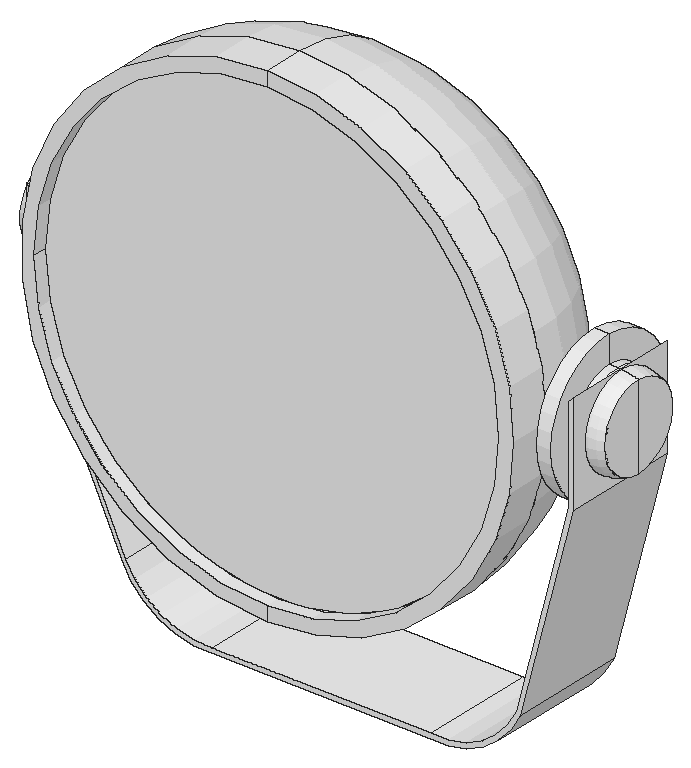
Revit family "Lighting-Accent-Acclaim-Aqua Drum SO", category Lighting Fixtures, host Face, Revit 2015
Parameters (values of type "Aqua Drum SO")
  Width = 2.42"
  Length = 7.28"
  Wattage = 9.2903 W
  built-in parameter 1150110 = 1 (stored number, unit not read)
  Voltage = 0 V
  URL = "http://www.acclaimlighting.com/"
  built-in parameter 1114217 = 1 (stored number, unit not read)
  Tilt Angle = -90.00°
  built-in parameter 1150109 = 1 (stored number, unit not read)
  built-in parameter 1150134 = 3
  built-in parameter 1150113 = 1 (stored number, unit not read)
  Power Factor = 1
  Photometric Web File = "generic"
  Number of Poles = 1
  built-in parameter 1150142 = (empty or 0)
  Model = "Aqua Drum SO"
  Manufacturer = "Acclaim Lighting"
  built-in parameter 1150105 = 109.82 (stored number, unit not read)
  Lumens = 1380 lm
  built-in parameter 1150115 = 1 (stored number, unit not read)
  built-in parameter 1150137 = (empty or 0)
  built-in parameter 1150139 = (empty or 0)
  built-in parameter 1150112 = 1 (stored number, unit not read)
  built-in parameter 1150114 = 1 (stored number, unit not read)
  Lamp = "LED"
  built-in parameter 1150132 = (empty or 0)
  built-in parameter 1150102 = (empty or 0)
  built-in parameter 1150107 = 3200 (stored number, unit not read)
  built-in parameter 1150138 = (empty or 0)
  built-in parameter 1150106 = 1.0982 (stored number, unit not read)
  Housing Finish = Aluminum
  Height = 7.04"
  Emit from Circle Diameter = 6.00"
  Emit Shape Visible in Rendering = no
  built-in parameter 1150104 = 13.8 (stored number, unit not read)
  Dimming Lamp Color Temperature Shift = <None>
  Description = "Accent Fixture"
  Default Elevation = 48.00"
  Color Filter = 16777215
  built-in parameter 1114218 = 1 (stored number, unit not read)
  built-in parameter 1150133 = 10 (stored number, unit not read)
  Apparent Load = 0 VA
Reference planes (in)
  plane 1 "Center (Front/Back)": y = 0
  plane 2: z = 0
  plane 3 "Center (Left/Right)": x = 0
  plane 4: x = 0
  plane 5: z = 7.04
  plane 6: x = -3.64
  plane 7: x = 3.64
  plane 8: y = 1.21
  plane 9: y = -1.21
Forms (in)
  Revolve 1, solid, material "Aluminum" <- "Housing Finish"
    sketch origin (0, 0, -1.75) x (0, 1, 0) y (0, 0, 1)
      loop
        line (-1.21, 8.79) -> (-1.21, 5.74055) -> (1.21, 5.74055) -> (1.21, 7.12)
        arc (1.21, 7.12) -> (0.56233, 8.31409) -> (-0.71, 8.79) r 1.93871
        line (-0.71, 8.79) -> (-1.21, 8.79)
      axis (-1.21, 5.74055) -> (1.21, 5.74055)
    angle from 0 to 360
  Extrusion 2, solid, material "Aluminum" <- "Housing Finish"
    sketch origin (0.09498, 0, 0.94419) x (1, 0, 0) y (0, 0, 1)
      loop
        line (-3.45963, 3.4574) -> (-3.45963, 2.2074) -> (-2.29157, -0.2975)
        arc (-2.29157, -0.2975) -> (-1.83348, -0.79743) -> (-1.17148, -0.94419) r 1.12746
        line (-1.17148, -0.94419) -> (1.53059, -0.94419)
        arc (1.53059, -0.94419) -> (2.19258, -0.79743) -> (2.65067, -0.2975) r 1.12746
        line (2.65067, -0.2975) -> (3.30873, 2.2074) -> (3.30873, 3.4574) -> (3.24623, 3.3949) -> (3.24623, 2.22126) -> (2.59403, -0.27109)
        arc (2.59403, -0.27109) -> (2.16016, -0.74397) -> (1.53336, -0.88169) r 1.06496
        line (1.53336, -0.88169) -> (-1.17425, -0.88169)
        arc (-1.17425, -0.88169) -> (-1.80106, -0.74397) -> (-2.23493, -0.27109) r 1.06496
        line (-2.23493, -0.27109) -> (-3.39713, 2.22126) -> (-3.39713, 3.3949) -> (-3.45963, 3.4574)
    from -0.70684 to 0.72438
  Extrusion 3, void
    sketch origin (0, 0.41789, -1.75) x (1, 0, 0) y (0, 0, 1)
      loop
        circle (-0.01342, 5.73561) r 2.87367
    from 1.45641 to 1.62789
  Revolve 4, solid, material "Aluminum" <- "Housing Finish"
    sketch origin (3.09944, 0, -4.74264) x (-1, 0, 0) y (0, 0, 1)
      loop
        line (6.71595, 8.58209) -> (6.71595, 9.102)
        arc (6.71595, 9.102) -> (6.59382, 9.14078) -> (6.46595, 9.14889) r 0.52626
        line (6.46595, 9.14889) -> (6.35657, 9.14889) -> (6.35657, 9.48029) -> (6.1738, 9.48029) -> (6.1738, 8.58209) -> (6.71595, 8.58209)
      axis (6.1738, 8.58209) -> (6.71595, 8.58209)
    angle from 0 to 360
  Revolve 5, solid, material "Aluminum" <- "Housing Finish"
    sketch origin (-3.09944, 0, -4.74264) x (1, 0, 0) y (0, 0, 1)
      loop
        line (6.71595, 8.58209) -> (6.71595, 9.102)
        arc (6.71595, 9.102) -> (6.59382, 9.14078) -> (6.46595, 9.14889) r 0.52626
        line (6.46595, 9.14889) -> (6.35657, 9.14889) -> (6.35657, 9.48029) -> (6.1738, 9.48029) -> (6.1738, 8.58209) -> (6.71595, 8.58209)
      axis (6.1738, 8.58209) -> (6.71595, 8.58209)
    angle from 0 to 360
Cuts and joins
  Extrusion 3 cuts Revolve 1
Dimensions and locks (in)
  "Height": plane 5 to level
  equal spacing: plane 7, plane 3 "Center (Left/Right)", plane 6
  "Length": plane 7 to plane 6
  equal spacing: plane 8, plane 1 "Center (Front/Back)", plane 9
  "Width": plane 8 to plane 9
  plane 5 to level = 7.04"
  aligned and locked: plane 2 to host face
  aligned and locked: level to host face
  aligned and locked: imposter light to cut or joined group of Revolve 1, Extrusion 3
  aligned and locked: Revolve 1 sketch curve to plane 9
Automatic sketch dimensions
  host sketch curve to host sketch curve = 96.00"  (x2)
  Revolve 1 sketch curve to plane 5 = 0.00"
  Revolve 1 sketch curve to plane 8 = 0.00"
  Revolve 1 sketch curve to plane 9 = 0.50"
  Revolve 1 sketch curve to plane 5 = 1.67"
  Revolve 1 sketch curve to Revolve 1 sketch curve = 1.37945"
  Revolve 1 sketch curve to Revolve 1 sketch curve = 1.65961"
  Revolve 1 sketch curve to plane 5 = 3.04945"
  Revolve 1 sketch curve to plane 8 = 7.37039"
  Extrusion 2 sketch curve to Extrusion 2 sketch curve = 0.00"  (x4)
  Extrusion 2 sketch curve to level = 0.00"
  plane 6 to Extrusion 2 sketch curve = 0.27535"
  Extrusion 2 sketch curve to Extrusion 2 sketch curve = 0.0625"  (x4)
  plane 6 to Extrusion 2 sketch curve = 1.44341"
  level to Extrusion 2 sketch curve = 0.6731"  (x2)
  Extrusion 2 sketch curve to Extrusion 2 sketch curve = 0.05664"
  Extrusion 2 sketch curve to Extrusion 2 sketch curve = 0.96518"
  level to Extrusion 2 sketch curve = 0.0625"
  Extrusion 2 sketch curve to Extrusion 2 sketch curve = 0.0955"  (x2)
  Extrusion 2 sketch curve to Extrusion 2 sketch curve = 0.00277"  (x2)
  plane 3 "Center (Left/Right)" to Extrusion 2 sketch curve = 1.62557"
  Extrusion 2 sketch curve to plane 7 = 0.95099"
  level to Extrusion 2 sketch curve = 0.64668"
  Extrusion 2 sketch curve to plane 7 = 0.29879"
  Extrusion 2 sketch curve to Extrusion 2 sketch curve = 2.5049"
  Extrusion 2 sketch curve to Extrusion 2 sketch curve = 2.47849"
  Extrusion 2 sketch curve to Extrusion 2 sketch curve = 0.01386"  (x2)
  Extrusion 2 sketch curve to Extrusion 2 sketch curve = 1.17364"  (x2)
  Extrusion 3 sketch curve to plane 3 "Center (Left/Right)" = 0.01342"
  Extrusion 3 sketch curve to plane 5 = 3.05439"
  Revolve 4 sketch curve to plane 6 = 0.56563"
  Revolve 4 sketch curve to Revolve 4 sketch curve = 0.18277"
  Revolve 4 sketch curve to Revolve 4 sketch curve = 0.10937"
  Revolve 4 sketch curve to plane 6 = 0.24262"
  Revolve 4 sketch curve to plane 6 = 0.02349"
  plane 5 to Revolve 4 sketch curve = 3.20055"
  Revolve 4 sketch curve to Revolve 4 sketch curve = 0.04144"
  Revolve 4 sketch curve to Revolve 4 sketch curve = 0.51991"
  Revolve 4 sketch curve to Revolve 4 sketch curve = 0.3314"
  Revolve 4 sketch curve to Revolve 4 sketch curve = 0.00"  (x2)
  plane 6 to Revolve 4 sketch curve = 1.28276"
  Revolve 5 sketch curve to plane 7 = 0.56563"
  Revolve 5 sketch curve to Revolve 5 sketch curve = 0.18277"
  Revolve 5 sketch curve to Revolve 5 sketch curve = 0.10937"
  Revolve 5 sketch curve to plane 7 = 0.24262"
  Revolve 5 sketch curve to plane 7 = 0.02349"
  Revolve 5 sketch curve to plane 5 = 3.20055"
  Revolve 5 sketch curve to Revolve 5 sketch curve = 0.04144"
  Revolve 5 sketch curve to Revolve 5 sketch curve = 0.51991"
  Revolve 5 sketch curve to Revolve 5 sketch curve = 0.3314"
  Revolve 5 sketch curve to Revolve 5 sketch curve = 0.00"  (x2)
  plane 7 to Revolve 5 sketch curve = 1.28276"
  radius of Extrusion 3 sketch curve = 2.87367"
Connectors (in)
  electrical at (0, 1.21, 3.99055), driven by "Number of Poles", driven by "Voltage", driven by "Apparent Load", driven by "Power Factor"
    settings: on cut or joined group of Revolve 1, Extrusion 3, index 1, voltage 0 V, apparent load 0 VA, apparent load phase1 0 VA, apparent load phase2 0 VA, apparent load phase3 0 VA, power factor 1, load classification "Other", number of poles 1, system type 31, power factor state 1, is connector primary yes, connector utility yes, sub classification motor no, connector description ""
